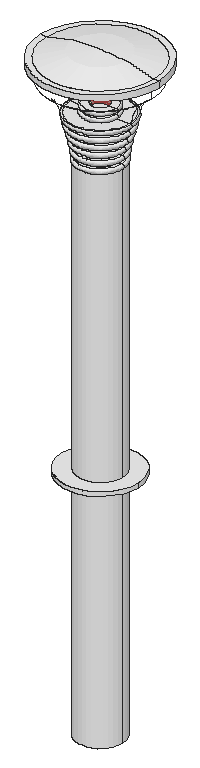
Revit family "Focus Lighting Becco Pullerten Flange", category Lighting Fixtures, Revit 2014
Parameters
  Wattage = 314.377 W
  built-in parameter 1150110 = 1 (stored number, unit not read)
  built-in parameter 1114217 = 2.44 (stored number, unit not read)
  Top Mat = Zinc(1)
  built-in parameter 1150109 = 1 (stored number, unit not read)
  built-in parameter 1150134 = (empty or 0)
  built-in parameter 1150113 = 1 (stored number, unit not read)
  Mast = none
  Lumens = 46698.2 lm
  built-in parameter 1150115 = 1 (stored number, unit not read)
  built-in parameter 1150105 = 3716.1 (stored number, unit not read)
  Light Source Symbol Size = 1500 mm
  built-in parameter 1150137 = (empty or 0)
  built-in parameter 1150139 = (empty or 0)
  built-in parameter 1150112 = 1 (stored number, unit not read)
  built-in parameter 1150114 = 1 (stored number, unit not read)
  built-in parameter 1150132 = 3
  built-in parameter 1150102 = (empty or 0)
  built-in parameter 1150138 = (empty or 0)
  built-in parameter 1150107 = 3000 (stored number, unit not read)
  built-in parameter 1150106 = 37.161 (stored number, unit not read)
  Heigth = 970 mm
  Glass Mat. = Glass
  Emit from Circle Diameter = 609.6 mm
  Emit Shape Visible in Rendering = no
  built-in parameter 1150104 = 13.8 (stored number, unit not read)
  Dimming Lamp Color Temperature Shift = <None>
  Color Filter = 16777215
  Bottom Mat = Zinc
  built-in parameter 1114218 = 1 (stored number, unit not read)
  built-in parameter 1150133 = 10 (stored number, unit not read)
Reference planes
  plane 1 "Light Source Axis (F/B)": y = 0
  plane 2: z = 0
  plane 3 "Light Source Axis (L/R)": x = 0
  plane 4 "Light Source Elevation": z = 849.272
Forms (mm)
  Revolve 1, solid, material "Zinc(1)" <- "Top Mat"
    sketch origin (0, 0, 0) x (1, 0, 0) y (0, 0, 1)
      loop
        line (152, 950) -> (137, 950)
        arc (137, 950) -> (69.298, 965.469) -> (0, 970) r 436.274
        line (0, 970) -> (0, 935) -> (152, 935) -> (152, 950)
      axis (0, 970) -> (0, 935)
    angle from 0 to 360
  Revolve 2, solid, material "Glass" <- "Glass Mat."
    sketch origin (0, 0, 0) x (1, 0, 0) y (0, 0, 1)
      loop
        line (132.525, 935) -> (0, 935) -> (0, 825) -> (80.141, 825)
        arc (80.141, 825) -> (97.281, 868.822) -> (132.525, 900) r 100.265
        line (132.525, 900) -> (132.525, 935)
      axis (0, 935) -> (0, 825)
    angle from 0 to 360
  Revolve 3, solid, material "Zinc(1)" <- "Top Mat"
    sketch origin (0, 0, 80) x (1, 0, 0) y (0, 0, 1)
      loop
        line (0, 745) -> (0, 635) -> (54.771, 635)
        arc (54.771, 635) -> (59.771, 640) -> (54.771, 645) r 5
        line (54.771, 645) -> (44.507, 645)
        arc (44.507, 645) -> (39.507, 650) -> (44.507, 655) r 5
        line (44.507, 655) -> (56.533, 655)
        arc (56.533, 655) -> (61.533, 660) -> (56.533, 665) r 5
        line (56.533, 665) -> (45.89, 665)
        arc (45.89, 665) -> (40.89, 670) -> (45.89, 675) r 5
        line (45.89, 675) -> (59.686, 675)
        arc (59.686, 675) -> (64.686, 680) -> (59.686, 685) r 5
        line (59.686, 685) -> (48.528, 685)
        arc (48.528, 685) -> (43.528, 690) -> (48.528, 695) r 5
        line (48.528, 695) -> (65.333, 695)
        arc (65.333, 695) -> (70.333, 700) -> (65.333, 705) r 5
        line (65.333, 705) -> (52.067, 705)
        arc (52.067, 705) -> (47.067, 710) -> (52.067, 715) r 5
        line (52.067, 715) -> (70.845, 715)
        arc (70.845, 715) -> (75.845, 720) -> (70.845, 725) r 5
        line (70.845, 725) -> (55.312, 725)
        arc (55.312, 725) -> (50.312, 730) -> (55.312, 735) r 5
        line (55.312, 735) -> (75.433, 735)
        arc (75.433, 735) -> (80.433, 740) -> (75.433, 745) r 5
        line (75.433, 745) -> (0, 745)
      axis (0, 745) -> (0, 635)
    angle from 0 to 360
  Blend 4, solid, material "Zinc(1)" <- "Top Mat"
    base sketch origin (0, 0, 700) x (1, 0, 0) y (0, 1, 0)
      loop
        circle (0, 0) r 57
    top sketch origin (0, 0, 700) x (1, 0, 0) y (0, 1, 0)
      loop
        circle (0, 0) r 57
    from -1300 to 15
  Revolve 5, solid, material "Zinc(1)" <- "Top Mat"
    sketch origin (0.153, 0, 91.131) x (1, 0, 0) y (0, 0, 1)
      loop
        arc (27.998, 742.164) -> (26.749, 745.634) -> (27.926, 749.128) r 5.604
        line (27.926, 749.128) -> (40.519, 749.128)
        arc (40.519, 749.128) -> (43.916, 752.525) -> (40.519, 755.922) r 3.397
        line (40.519, 755.922) -> (0, 755.922) -> (0, 733.869) -> (40.519, 733.869)
        arc (40.519, 733.869) -> (44.667, 738.016) -> (40.519, 742.164) r 4.147
        line (40.519, 742.164) -> (27.998, 742.164)
      axis (0, 755.922) -> (0, 733.869)
    angle from 0 to 360
  Extrusion 6, solid, material "Zinc(1)" <- "Top Mat"
    sketch origin (0, 0, 0) x (1, 0, 0) y (0, 1, 0)
      loop
        circle (0, 0) r 97.5
    from 0 to 10
  Blend 7, void
    base sketch origin (2024.06, 1152.237, 130.276) x (1, 0, 0) y (0, 1, 0)
      loop
        circle (-2024.786, -1152.446) r 20
    top sketch origin (2024.06, 1152.237, 0) x (1, 0, 0) y (0, 1, 0)
      loop
        circle (-2024.062, -1152.241) r 25
    from 703.019 to 856.146
Cuts and joins
  Blend 7 cuts Revolve 5
Dimensions and locks
  Revolve 3 sketch curve to Revolve 3 sketch curve to Revolve 3 sketch curve to Revolve 3 sketch curve to Revolve 3 sketch curve to Revolve 3 sketch curve to Revolve 3 sketch curve to Revolve 3 sketch curve to Revolve 3 sketch curve to Revolve 3 sketch curve to Revolve 3 sketch curve = 10 mm locked, 10 mm locked, 10 mm locked, 10 mm locked, 10 mm locked, 10 mm locked, 10 mm, 10 mm locked, 10 mm locked, 10 mm locked
  locked: Blend 4 to level at 600
  locked: Revolve 3 sketch curve to Revolve 3 sketch curve at 10
  aligned and locked: plane 1 "Light Source Axis (F/B)" to imposter light
  aligned and locked: plane 4 "Light Source Elevation" to imposter light
  aligned and locked: level to plane 2
  aligned and locked: Blend 4 to Revolve 3
